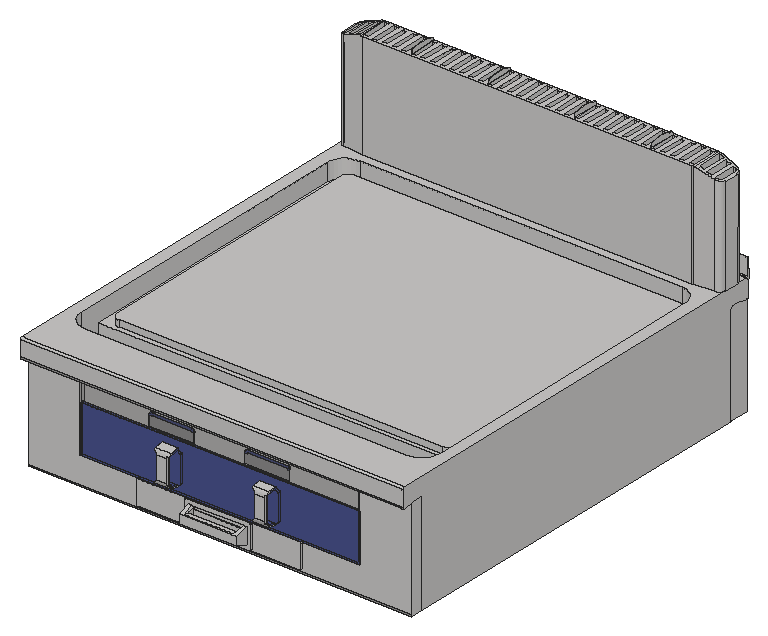
Revit family "QF_ELECTROLUXPROFESSIONAL_589095_MCHMABHOPO", category Specialty Equipment, Revit 2018
Family settings
  Round Connector Dimension = Use Diameter
  Part Type = Normal
  Work Plane-Based = No
  Always vertical = Yes
  Cut with Voids When Loaded = No
  Shared = No
  Room Calculation Point = No
Parameters
  Weight in Pounds = 264.6
  Watts = 0 W
  URL Cutsheet = ""
  Type Mark [instance] = ""
  Specification by User [instance] = ""
  Specification by Manufacturer = ""
  Show Clearance [instance] = yes
  Serial Number = ""
  Seismic Rating = ""
  SMACNA No = ""
  Revision Code [instance] = ""
  Omniclass Number and Title = ""
  NAFEM Spec ID Number = ""
  Model = "589095"
  Mechanical Remarks = ""
  Mechanical Connection Type = ""
  Masterspec = ""
  Manufacturer = "ELECTROLUX"
  Item Number [instance] = ""
  Installed By [instance] = ""
  Identify Quantity as Lot [instance] = yes
  HP = "0 HP"
  Gas Size = 1/2"
  Gas RI Height [instance] = 0 mm
  Gas KW = 20
  Gas Input [instance] = 68180.0 Btu/h
  Gas Connection Height = 0 mm
  Furnished By [instance] = ""
  Foodservice Equipment Identifier [instance] = yes
  Direct Waste Size = 0"
  Description = "GAS FRYTOP,SMOOTH,1S,BSPL,800X900X250H"
  CSI MasterFormat = ""
  CSI Master Format = ""
Reference planes
  plane 1 "BACK": y = 0
  plane 2: z = 0
  plane 3 "LEFT": x = 0
  plane 4 "RIGHT": x = 800
  plane 5 "FRONT": y = -900
  plane 6 "TOP": z = 250
  plane 7: x = 400
  plane 8: y = -450
  plane 9: z = 481
  plane 10: y = -1330
Forms (mm)
  Extrusion 1, solid, material "QF_Finishes_Stainless Steel"
    sketch origin (0, -487.128, 0) x (0, 1, 0) y (0, 0, 1)
      loop
        line (483.128, 250) -> (-408.872, 250)
        arc (-408.872, 250) -> (-411.7, 248.828) -> (-412.872, 246) r 4
        line (-412.872, 246) -> (-412.872, 214)
        arc (-412.872, 214) -> (-411.443, 210.936) -> (-408.177, 210.061) r 4
        line (-408.177, 210.061) -> (-391.509, 213) -> (-366.872, 213) -> (-366.872, 0) -> (441.128, 0) -> (441.128, 213) -> (465.765, 213) -> (482.433, 210.061)
        arc (482.433, 210.061) -> (485.699, 210.936) -> (487.128, 214) r 4
        line (487.128, 214) -> (487.128, 246)
        arc (487.128, 246) -> (485.956, 248.828) -> (483.128, 250) r 4
    from 0 to 800
  Extrusion 2, void
    sketch origin (653.786, 44.048, 250) x (1, 0, 0) y (0, -1, 0)
      loop
        line (-590.636, 138.048) -> (83.064, 138.048)
        arc (83.064, 138.048) -> (110.04, 149.222) -> (121.214, 176.198) r 38.15
        line (121.214, 176.198) -> (121.214, 816.572)
        arc (121.214, 816.572) -> (109.944, 843.779) -> (82.737, 855.048) r 38.476
        line (82.737, 855.048) -> (-591.786, 855.048)
        arc (-591.786, 855.048) -> (-617.949, 844.211) -> (-628.786, 818.048) r 37
        line (-628.786, 818.048) -> (-628.786, 176.198)
        arc (-628.786, 176.198) -> (-617.613, 149.222) -> (-590.636, 138.048) r 38.15
    from 0 to 37
  Extrusion 3, void
    sketch origin (1307.573, 92.096, 213) x (0, 1, 0) y (1, 0, 0)
      loop
        line (-821.846, -532.573) -> (-864.62, -532.573)
        arc (-864.62, -532.573) -> (-891.827, -543.842) -> (-903.096, -571.049) r 38.476
        line (-903.096, -571.049) -> (-903.096, -1245.573)
        arc (-903.096, -1245.573) -> (-892.259, -1271.736) -> (-866.096, -1282.573) r 37
        line (-866.096, -1282.573) -> (-821.846, -1282.573) -> (-821.846, -532.573)
    from 0 to 25.6
  Extrusion 4, void
    sketch origin (1612.573, 92.096, 187.4) x (-1, 0, 0) y (0, 1, 0)
      loop
        circle (1212.573, -862.096) r 22.248
    from 0 to 92
  Extrusion 5, solid, material "QF_Finishes_Stainless Steel"
    sketch origin (0, -854, 0) x (1, 0, 0) y (0, -1, 0)
      loop
        circle (765, -264) r 6.35
    from 0 to 3.2
  Extrusion 6, solid, material "QF_Door-Drawer Clearances", visible <- "Show Clearance", detail levels coarse
    sketch origin (437.31, -881.593, 8.62) x (0, 0, 1) y (-1, 0, 0)
      loop
        line (1.973, -134.295) -> (49.317, -134.295)
        arc (49.317, -134.295) -> (50.776, -133.691) -> (51.38, -132.232) r 2.063
        line (51.38, -132.232) -> (51.38, 206.852)
        arc (51.38, 206.852) -> (50.88, 208.549) -> (49.541, 209.705) r 3.133
        line (49.541, 209.705) -> (3.067, 209.705)
        arc (3.067, 209.705) -> (0.898, 208.807) -> (0, 206.638) r 3.067
        line (0, 206.638) -> (0, -132.322)
        arc (0, -132.322) -> (0.578, -133.717) -> (1.973, -134.295) r 1.973
    from 0 to 448.407
  Extrusion 7, solid, material "QF_Finishes_Stainless Steel"
    sketch origin (653.786, 44.048, 213) x (1, 0, 0) y (0, 1, 0)
      loop
        line (-608.786, -166.361) -> (-608.786, -745.485)
        arc (-608.786, -745.485) -> (-603.47, -758.319) -> (-590.636, -763.635) r 18.15
        line (-590.636, -763.635) -> (83.064, -763.635)
        arc (83.064, -763.635) -> (95.898, -758.319) -> (101.214, -745.485) r 18.15
        line (101.214, -745.485) -> (101.214, -166.361)
        arc (101.214, -166.361) -> (95.898, -153.527) -> (83.064, -148.211) r 18.15
        line (83.064, -148.211) -> (-590.636, -148.211)
        arc (-590.636, -148.211) -> (-603.47, -153.527) -> (-608.786, -166.361) r 18.15
    from 0 to 13.3
  Extrusion 8, solid, material "QF_Clearances", visible <- "Show Clearance", detail levels coarse
    sketch origin (-178.969, -4572, 0) x (-1, 0, 0) y (0, -1, 0)
      loop
        line (-78.969, -3672) -> (-178.969, -3672) -> (-178.969, -4572) -> (-978.969, -4572) -> (-978.969, -3672) -> (-1078.969, -3672) -> (-1078.969, -4672) -> (-78.969, -4672) -> (-78.969, -3672)
    from 0 to 250
  Extrusion 9, solid, material "QF_Finishes_Stainless Steel"
    sketch origin (0, 0, 0) x (0, 1, 0) y (0, 0, 1)
      loop
        line (-2.951, 1.994) -> (-2.951, 210.127)
        arc (-2.951, 210.127) -> (-3.795, 210.003) -> (-4.646, 210.061) r 4
        line (-4.646, 210.061) -> (-21.287, 212.994) -> (-45, 212.994) -> (-45, -0.006) -> (-4.951, -0.006)
        arc (-4.951, -0.006) -> (-3.537, 0.58) -> (-2.951, 1.994) r 2
      loop
        arc (-1.951, 252) -> (-2.537, 250.586) -> (-3.951, 250) r 2
        arc (-3.951, 250) -> (-1.172, 248.823) -> (0, 245.994) r 4
        line (0, 245.994) -> (0, 288) -> (-1.951, 288) -> (-1.951, 252)
    from 800 to 0
Cuts and joins
  Extrusion 2, Extrusion 3, Extrusion 4 cuts Extrusion 1
Lines and regions (mm)
  symbolic lines
    curve 1: line (493.666, -902.326, 0) -> (493.666, -900, 0)
    curve 2: spline (499.334, -903.73, 0) -> (498.856, -903.657, 0) -> (498.378, -903.575, 0) -> (497.901, -903.486, 0) -> (497.425, -903.389, 0) -> (496.95, -903.283, 0) -> (496.476, -903.17, 0) -> (496.004, -903.049, 0) -> (495.533, -902.92, 0) -> (495.064, -902.783, 0) -> (494.596, -902.638, 0) -> (494.13, -902.486, 0) -> (493.666, -902.326, 0)
    curve 3: line (525.881, -902.326, 0) -> (525.881, -900, 0)
    curve 4: spline (525.881, -902.326, 0) -> (525.417, -902.486, 0) -> (524.951, -902.638, 0) -> (524.483, -902.783, 0) -> (524.014, -902.92, 0) -> (523.543, -903.049, 0) -> (523.071, -903.17, 0) -> (522.597, -903.283, 0) -> (522.122, -903.389, 0) -> (521.646, -903.486, 0) -> (521.169, -903.575, 0) -> (520.691, -903.657, 0) -> (520.213, -903.73, 0)
    curve 5: line (499.334, -903.73, 0) -> (520.213, -903.73, 0)
    curve 6: line (25, -774, 0) -> (25, -132.15, 0)
    curve 7: arc (25, -132.15, 0) -> (36.174, -105.174, 0) -> (63.15, -94, 0) r 38.15
    curve 8: line (63.15, -94, 0) -> (736.85, -94, 0)
    curve 9: arc (736.85, -94, 0) -> (763.826, -105.174, 0) -> (775, -132.15, 0) r 38.15
    curve 10: line (775, -132.15, 0) -> (775, -772.524, 0)
    curve 11: arc (775, -772.524, 0) -> (763.731, -799.731, 0) -> (736.524, -811, 0) r 38.476
    curve 12: line (736.524, -811, 0) -> (62, -811, 0)
    curve 13: arc (62, -811, 0) -> (35.837, -800.163, 0) -> (25, -774, 0) r 37
    curve 14: line (775, -729.75, 0) -> (25, -729.75, 0)
    curve 15: circle (400, -770, 0) r 22.248 normal (0, 0, -1)
    curve 16: line (0, 0, 0) -> (800, 0, 0)
    curve 17: line (0, -900, 0) -> (0, 0, 0)
    curve 18: line (800, -900, 0) -> (0, -900, 0)
    curve 19: line (800, 0, 0) -> (800, -900, 0)
    curve 20: line (347.608, -908.767, 0) -> (450.042, -908.767, 0)
    curve 21: line (450.042, -908.767, 0) -> (451.588, -900, 0)
    curve 22: line (347.608, -908.767, 0) -> (346.062, -900, 0)
    curve 37: line (0, -1.951, 0) -> (800, -1.951, 0)
  symbolic lines, style "QF_Door-Drawer Clearances"
    curve 23: line (227.605, -1330, 0) -> (227.605, -900, 0)
    curve 24: line (227.605, -1330, 0) -> (571.605, -1330, 0)
    curve 25: line (571.605, -1330, 0) -> (571.605, -900, 0)
  symbolic lines, style "SpecialityEquipment"
    curve 26: line (755, -701.437, 0) -> (755, -122.313, 0)
    curve 27: arc (755, -122.313, 0) -> (749.684, -109.479, 0) -> (736.85, -104.163, 0) r 18.15
    curve 28: line (736.85, -104.163, 0) -> (63.15, -104.163, 0)
    curve 29: arc (63.15, -104.163, 0) -> (50.316, -109.479, 0) -> (45, -122.313, 0) r 18.15
    curve 30: line (45, -122.313, 0) -> (45, -701.437, 0)
    curve 31: arc (45, -701.437, 0) -> (50.316, -714.271, 0) -> (63.15, -719.587, 0) r 18.15
    curve 32: line (63.15, -719.587, 0) -> (736.85, -719.587, 0)
    curve 33: arc (736.85, -719.587, 0) -> (749.684, -714.271, 0) -> (755, -701.437, 0) r 18.15
  symbolic lines, style "QF_Clearances", visible <- "Show Clearance", detail levels coarse
    curve 34: line (-100, 100, 0) -> (-100, -900, 0)
    curve 35: line (900, 100, 0) -> (-100, 100, 0)
    curve 36: line (900, -900, 0) -> (900, 100, 0)
Dimensions and locks
  plane 3 "LEFT" to plane 4 "RIGHT" = 800 mm
  plane 5 "FRONT" to plane 1 "BACK" = 900 mm
  equal spacing: plane 3 "LEFT", plane 7, plane 4 "RIGHT"
  equal spacing: plane 5 "FRONT", plane 8, plane 1 "BACK"
  plane 6 "TOP" to level = 250 mm  (x2)
  plane 1 "BACK" to plane 5 "FRONT" = 900 mm
  Extrusion 5 sketch curve to plane 1 "BACK" = 590 mm
  Extrusion 5 sketch curve to plane 4 "RIGHT" = 35 mm
  plane 5 "FRONT" to plane 10 = 430 mm
  plane 9 to plane 6 "TOP" = 231 mm
  plane 9 to level = 481 mm
  Extrusion 8 to plane 3 "LEFT" = 100 mm
  plane 4 "RIGHT" to Extrusion 8 = 100 mm
  plane 1 "BACK" to Extrusion 8 = 100 mm
  radius of Extrusion 7 sketch curve = 18.15 mm  (x4)
  aligned and locked: level to plane 2
  aligned and locked: Extrusion 6 to plane 10
  aligned and locked: plane 6 "TOP" to Extrusion 8
  aligned and locked: cut or joined group of Extrusion 1, Extrusion 2, Extrusion 3, Extrusion 4 to plane 4 "RIGHT"
  aligned and locked: plane 7 to nested 1
  aligned and locked: plane 7 to nested 2
  aligned and locked: Extrusion 9 to plane 4 "RIGHT"
Automatic sketch dimensions
  Extrusion 1 to Extrusion 2 sketch curve = 90 mm
  Extrusion 1 to Extrusion 2 sketch curve = 122 mm
  Extrusion 1 to Extrusion 2 sketch curve = 25 mm
  Extrusion 2 sketch curve to Extrusion 2 sketch curve = 38.15 mm  (x2)
  Extrusion 1 to Extrusion 2 sketch curve = 123.476 mm
  Extrusion 1 to Extrusion 2 sketch curve = 85 mm
  Extrusion 2 sketch curve to Extrusion 2 sketch curve = 674.524 mm
  Extrusion 1 sketch curve to plane 5 "FRONT" = 0 mm
  Extrusion 1 sketch curve to plane 6 "TOP" = 0 mm
  Extrusion 1 sketch curve to level = 0 mm
  Extrusion 1 sketch curve to plane 1 "BACK" = 0 mm
  Extrusion 1 sketch curve to plane 6 "TOP" = 37 mm  (x2)
  Extrusion 1 sketch curve to plane 5 "FRONT" = 4 mm
  Extrusion 1 sketch curve to plane 5 "FRONT" = 21.363 mm
  Extrusion 1 sketch curve to plane 5 "FRONT" = 46 mm
  plane 1 "BACK" to Extrusion 1 sketch curve = 21.363 mm
  plane 1 "BACK" to Extrusion 1 sketch curve = 4 mm  (x2)
  Extrusion 1 sketch curve to Extrusion 1 sketch curve = 4 mm
  Extrusion 1 sketch curve to Extrusion 1 sketch curve = 0.695 mm
  Extrusion 1 sketch curve to Extrusion 1 sketch curve = 0 mm  (x4)
  plane 1 "BACK" to Extrusion 1 sketch curve = 4.695 mm
  Extrusion 1 sketch curve to Extrusion 1 sketch curve = 1 mm  (x2)
  plane 1 "BACK" to Extrusion 1 sketch curve = 46 mm
  Extrusion 3 sketch curve to Extrusion 2 = 81.25 mm
  Extrusion 2 to Extrusion 3 sketch curve = 0 mm  (x2)
  Extrusion 3 sketch curve to Extrusion 3 sketch curve = 37 mm
  Extrusion 3 sketch curve to Extrusion 3 sketch curve = 674.524 mm
  Extrusion 3 sketch curve to Extrusion 2 = 38.476 mm
  Extrusion 4 sketch curve to Extrusion 3 = 41 mm
  Extrusion 4 sketch curve to Extrusion 3 = 375 mm
  Extrusion 7 sketch curve to Extrusion 2 = 20 mm
  Extrusion 7 sketch curve to Extrusion 2 = 91.413 mm
  Extrusion 7 sketch curve to Extrusion 2 = 38.15 mm
  Extrusion 7 sketch curve to Extrusion 2 = 28.313 mm
  plane 1 "BACK" to Extrusion 8 sketch curve = 0 mm
  plane 5 "FRONT" to Extrusion 8 sketch curve = 0 mm  (x2)
  Extrusion 8 sketch curve to plane 4 "RIGHT" = 100 mm
  Extrusion 8 sketch curve to plane 1 "BACK" = 100 mm
  Extrusion 8 sketch curve to plane 3 "LEFT" = 100 mm
  Extrusion 8 sketch curve to plane 3 "LEFT" = 0 mm
  Extrusion 8 sketch curve to plane 4 "RIGHT" = 0 mm
  level to Extrusion 6 sketch curve = 8.62 mm
  level to Extrusion 6 sketch curve = 57.937 mm
  plane 7 to Extrusion 6 sketch curve = 171.605 mm
  Extrusion 6 sketch curve to Extrusion 6 sketch curve = 1.973 mm
  Extrusion 6 sketch curve to Extrusion 6 sketch curve = 3.067 mm
  Extrusion 6 sketch curve to Extrusion 6 sketch curve = 46.474 mm
  Extrusion 6 sketch curve to Extrusion 6 sketch curve = 2.063 mm
  Extrusion 6 sketch curve to Extrusion 6 sketch curve = 3.133 mm
  Extrusion 6 sketch curve to plane 7 = 169.328 mm
  Extrusion 9 sketch curve to plane 1 "BACK" = 0 mm  (x2)
  Extrusion 9 sketch curve to level = 0.006 mm
  Extrusion 9 sketch curve to plane 6 "TOP" = 0 mm
  Extrusion 9 sketch curve to Extrusion 9 sketch curve = 1.951 mm
  plane 1 "BACK" to Extrusion 9 sketch curve = 2.951 mm
  Extrusion 9 sketch curve to Extrusion 9 sketch curve = 2 mm  (x2)
  Extrusion 9 sketch curve to Extrusion 9 sketch curve = 18.335 mm
  Extrusion 9 sketch curve to Extrusion 9 sketch curve = 40.049 mm
  Extrusion 9 sketch curve to Extrusion 9 sketch curve = 1.695 mm
  Extrusion 9 sketch curve to Extrusion 9 sketch curve = 0 mm  (x3)
  Extrusion 9 sketch curve to Extrusion 9 sketch curve = 4 mm
  plane 1 "BACK" to Extrusion 9 sketch curve = 3.951 mm
  Extrusion 9 sketch curve to plane 6 "TOP" = 39.873 mm
  Extrusion 9 sketch curve to plane 6 "TOP" = 37.006 mm
  Extrusion 9 sketch curve to Extrusion 9 sketch curve = 36 mm
  Extrusion 9 sketch curve to Extrusion 9 sketch curve = 0.066 mm
  Extrusion 9 sketch curve to plane 6 "TOP" = 4.006 mm
  plane 1 "BACK" to curve 16 = 0 mm
  curve 25 to plane 10 = 0 mm
  curve 17 to plane 3 "LEFT" = 0 mm
  plane 5 "FRONT" to curve 18 = 0 mm
  plane 5 "FRONT" to curve 36 = 0 mm
  curve 37 to plane 4 "RIGHT" = 0 mm
  curve 15 to plane 7 = 0 mm
  plane 5 "FRONT" to curve 34 = 0 mm
  curve 35 to plane 4 "RIGHT" = 100 mm
  plane 4 "RIGHT" to curve 10 = 25 mm
  curve 14 to curve 26 = 20 mm
  curve 26 to curve 28 = 18.15 mm
  curve 26 to curve 32 = 18.15 mm
  curve 8 to curve 27 = 0 mm
  curve 10 to curve 12 = 38.476 mm
  plane 7 to curve 25 = 171.605 mm
  plane 5 "FRONT" to curve 3 = 2.326 mm
  curve 25 to curve 3 = 45.724 mm
  plane 5 "FRONT" to curve 5 = 3.73 mm
  curve 4 to curve 5 = 5.669 mm
  curve 5 to curve 5 = 20.878 mm
  plane 5 "FRONT" to curve 1 = 2.326 mm
  curve 2 to curve 1 = 5.669 mm
  plane 5 "FRONT" to curve 21 = 8.767 mm
  curve 2 to curve 21 = 43.623 mm
  curve 22 to plane 7 = 52.392 mm
  curve 23 to plane 7 = 172.395 mm
  plane 3 "LEFT" to curve 28 = 63.15 mm
  plane 3 "LEFT" to curve 32 = 63.15 mm
  curve 8 to curve 28 = 0 mm
  plane 3 "LEFT" to curve 12 = 62 mm
  curve 31 to curve 30 = 18.15 mm
  plane 3 "LEFT" to curve 6 = 25 mm
  curve 35 to plane 3 "LEFT" = 100 mm
  curve 3 to curve 4 = 9.839 mm
  plane 5 "FRONT" to curve 2 = 4.032 mm
  curve 2 to curve 5 = 4.17 mm
  curve 21 to curve 20 = 1.546 mm
  curve 20 to curve 22 = 1.546 mm
  curve 34 to plane 1 "BACK" = 100 mm
  plane 1 "BACK" to curve 8 = 94 mm
  curve 9 to curve 28 = 10.163 mm
  curve 26 to plane 5 "FRONT" = 198.563 mm
  curve 32 to curve 10 = 52.937 mm
  plane 1 "BACK" to curve 37 = 1.951 mm
  curve 30 to curve 14 = 28.313 mm
  curve 15 to plane 5 "FRONT" = 130 mm
  curve 2 to curve 4 = 0 mm
  radius of Extrusion 4 sketch curve = 22.248 mm
  radius of Extrusion 5 sketch curve = 6.35 mm
  radius of curve 15 = 22.248 mm
Nested families
  nested 1: "GG_900_800 Front Panel with Center Grease Trap" at (0, -854, -650), type "GG_900_800 Front Panel with Center Grease Trap"
  nested 2: "GG_900_Backsplash for 800 fryer" at (388.888, -5, -635.571), type "GG_900_Backsplash for 800 fryer"
Connectors
  piping at (765, -590, -3.2), diameter 12.8
    settings: on Extrusion 5, index 1, connector inside diameter 0.50394", connector length 0 mm, flow factor 0, pipe flow 0 GPM, pressure drop 0.00 psi, fitting loss kfactor 0, connector angle 0.00°, fixture units 0, engagement length 0 mm, angle of deflection 0.00°, flow configuration 1, flow direction 1, fitting loss method 0, system type 7, joint type 0, gender type 0, connector reference index -1, connector utility 0, adjustable connector no, is connector primary yes, connector description "GAS CONNECTION"
Definition of nested family "GG_900_800 Front Panel with Center Grease Trap"
  Reference planes
    plane 1 "Center (Front/Back)": y = 0
    plane 2: z = 0
    plane 3 "Center (Left/Right)": x = 0
    plane 4: y = -26.492
    plane 5: x = 400
    plane 6: x = 522.091
    plane 7: x = 319.468
  Forms (mm)
    Extrusion 1, solid
      sketch origin (1033.217, 829.203, -1.25) x (0, 1, 0) y (0, 0, 1)
        loop
          arc (-854.203, 654.25) -> (-853.324, 652.129) -> (-851.203, 651.25) r 3
          line (-851.203, 651.25) -> (-829.203, 651.25) -> (-829.203, 864.25) -> (-854.203, 864.25) -> (-854.203, 654.25)
      from -1033.217 to -233.217
    Extrusion 2, void
      sketch origin (1033.217, 829.203, -1.25) x (1, 0, 0) y (0, 0, 1)
        loop
          line (-341.217, 853.25) -> (-925.217, 853.25) -> (-925.217, 711.25) -> (-341.217, 711.25) -> (-341.217, 853.25)
      from 843.409 to 854.203
  Cuts and joins
    Extrusion 2 cuts Extrusion 1
  Dimensions and locks
    cut or joined group of Extrusion 1, Extrusion 2 to cut or joined group of Extrusion 1, Extrusion 2 = 108 mm
    nested 2 to plane 3 "Center (Left/Right)" = 108 mm
    nested 2 to plane 3 "Center (Left/Right)" = 252.97 mm
    cut or joined group of Extrusion 1, Extrusion 2 to nested 2 = 253.275 mm
    cut or joined group of Extrusion 1, Extrusion 2 to nested 4 = 297.909 mm
    nested 3 to plane 3 "Center (Left/Right)" = 298.218 mm
    aligned and locked: nested 1 to nested 2
  Nested families
    nested 1: "grease trap door" at (467.599, -25, 0.608) x (-1, 0, 0) z (0, 0, 1), type "grease trap door"
    nested 2: "Long Glass Control Panel w-Two Reads" at (108, -25, 5.811), type "Long Glass Control Panel w-Two Reads"
    nested 3: "Range Control Handle" at (298.218, -28.137, -207.75), type "Range Control Handle"
    nested 4: "Range Control Handle" at (502.091, -28.137, -207.75), type "Range Control Handle"
  Definition of nested family "grease trap door"
    Reference planes
      plane 1 "Center (Front/Back)": y = 0
      plane 2: z = 0
      plane 3 "Center (Left/Right)": x = 0
    Forms (mm)
      Extrusion 1, solid
        sketch origin (1627.55, 854.203, -1.25) x (1, 0, 0) y (0, 0, 1)
          loop
            arc (-1627.55, 661.235) -> (-1626.972, 659.84) -> (-1625.577, 659.262) r 1.973
            line (-1625.577, 659.262) -> (-1494.325, 659.262)
            arc (-1494.325, 659.262) -> (-1492.156, 660.16) -> (-1491.258, 662.329) r 3.067
            line (-1491.258, 662.329) -> (-1491.258, 708.803)
            arc (-1491.258, 708.803) -> (-1492.414, 710.143) -> (-1494.111, 710.642) r 3.133
            line (-1494.111, 710.642) -> (-1625.486, 710.642)
            arc (-1625.486, 710.642) -> (-1626.945, 710.038) -> (-1627.55, 708.579) r 2.063
            line (-1627.55, 708.579) -> (-1627.55, 661.235)
        from 856.795 to 859.203
      Extrusion 2, solid
        sketch origin (445.874, 2476.61, 0) x (0, 1, 0) y (0, 0, 1)
          loop
            line (-2506.377, 675.273) -> (-2481.61, 667.505) -> (-2481.61, 700.995) -> (-2506.377, 693.227) -> (-2506.377, 675.273)
        from -437.68 to -317.68
      Extrusion 3, void
        sketch origin (1627.55, 854.203, -1.25) x (1, 0, 0) y (0, 0, 1)
          loop
            line (-1614.883, 703) -> (-1610.542, 695.433) -> (-1508.17, 695.433) -> (-1503.828, 703) -> (-1614.883, 703)
          loop
            line (-1614.883, 668) -> (-1502.669, 668) -> (-1507.01, 675.567) -> (-1610.542, 675.567) -> (-1614.883, 668)
        from 832.916 to 883.97
      Extrusion 4, void
        sketch origin (447.55, 854.203, -1.25) x (1, 0, 0) y (0, 0, 1)
          loop
            line (-430.542, 695.433) -> (-430.542, 675.567) -> (-328.17, 675.567) -> (-328.17, 695.433) -> (-430.542, 695.433)
        from 859.203 to 874.202
      Extrusion 5, solid
        sketch origin (1627.55, 854.203, -1.25) x (1, 0, 0) y (0, 0, 1)
          loop
            arc (-1731.556, 661.235) -> (-1730.978, 659.84) -> (-1729.583, 659.262) r 1.973
            line (-1729.583, 659.262) -> (-1390.623, 659.262)
            arc (-1390.623, 659.262) -> (-1388.454, 660.16) -> (-1387.556, 662.329) r 3.067
            line (-1387.556, 662.329) -> (-1387.556, 708.803)
            arc (-1387.556, 708.803) -> (-1388.712, 710.143) -> (-1390.409, 710.642) r 3.133
            line (-1390.409, 710.642) -> (-1729.493, 710.642)
            arc (-1729.493, 710.642) -> (-1730.952, 710.038) -> (-1731.556, 708.579) r 2.063
            line (-1731.556, 708.579) -> (-1731.556, 661.235)
        from 854.203 to 856.795
    Cuts and joins
      Extrusion 3 cuts Extrusion 1
      Extrusion 3, Extrusion 4 cuts Extrusion 2
      joined: Extrusion 1, Extrusion 2
    Lines and regions (mm)
      symbolic lines
        curve 1: line (0, -2.593, 0) -> (136.292, -2.593, 0)
        curve 2: line (17.557, -29.767, 0) -> (12.667, -2.593, 0)
        curve 3: line (17.557, -29.767, 0) -> (119.991, -29.767, 0)
        curve 4: line (119.991, -29.767, 0) -> (124.881, -2.593, 0)
        curve 5: line (68.146, -2.593, 0) -> (68.146, -29.767, 0)
      model lines
        curve 6: line (67.599, 0, 658.012) -> (67.599, 0, 709.392)
    Dimensions and locks
      aligned and locked: Extrusion 2 to Extrusion 1
      aligned and locked: Extrusion 3 to Extrusion 2
      aligned and locked: Extrusion 4 to Extrusion 1
  Definition of nested family "Long Glass Control Panel w-Two Reads"
    Reference planes
      plane 1 "Center (Front/Back)": y = 0
      plane 2: z = 0
      plane 3 "Center (Left/Right)": x = 0
      plane 4: x = 584
      plane 5: x = 581.091
      plane 6: x = 350
      plane 7: x = 233.749
      plane 8 "Top": z = 846.189
      plane 9 "Center": x = 292
    Forms (mm)
      Extrusion 1, solid
        sketch origin (550.286, 304.8, -4.308) x (1, 0, 0) y (0, 0, 1)
          loop
            line (-550.286, 806.791) -> (-550.286, 708.497) -> (33.714, 708.497) -> (33.714, 806.791) -> (-550.286, 806.791)
        from 300.031 to 304.8
      Extrusion 2, solid
        sketch origin (550.286, 304.8, -4.308) x (1, 0, 0) y (0, 0, 1)
          loop
            line (-550.286, 850.497) -> (-550.286, 806.791) -> (33.714, 806.791) -> (33.714, 850.497) -> (-550.286, 850.497)
        from 300.031 to 304.8
      Extrusion 3, solid
        sketch origin (550.286, 305.901, -4.308) x (1, 0, 0) y (0, 0, 1)
          loop
            line (-311.561, 812.62) -> (-311.561, 834.177) -> (-316.37, 834.177) -> (-318.169, 835.977) -> (-398.599, 835.977) -> (-400.399, 834.177) -> (-405.316, 834.177) -> (-405.316, 812.62) -> (-311.561, 812.62)
          loop
            line (-111.561, 812.62) -> (-111.561, 834.177) -> (-116.37, 834.177) -> (-118.169, 835.977) -> (-198.599, 835.977) -> (-200.399, 834.177) -> (-205.316, 834.177) -> (-205.316, 812.62) -> (-111.561, 812.62)
        from 304.798 to 306.745
      Extrusion 4, solid
        sketch origin (550.286, 305.901, -4.308) x (1, 0, 0) y (0, 0, 1)
          loop
            line (-318.121, 835.977) -> (-316.321, 834.177) -> (-311.611, 834.177)
            arc (-311.611, 834.177) -> (-312.787, 838.752) -> (-317.062, 840.763) r 5.549
            line (-317.062, 840.763) -> (-399.768, 840.763)
            arc (-399.768, 840.763) -> (-404.024, 838.747) -> (-405.16, 834.177) r 5.5
            line (-405.16, 834.177) -> (-400.351, 834.177) -> (-398.551, 835.977) -> (-318.121, 835.977)
          loop
            line (-200.222, 834.177) -> (-198.422, 835.977) -> (-117.993, 835.977) -> (-116.193, 834.177) -> (-111.482, 834.177)
            arc (-111.482, 834.177) -> (-112.659, 838.752) -> (-116.934, 840.763) r 5.549
            line (-116.934, 840.763) -> (-199.639, 840.763)
            arc (-199.639, 840.763) -> (-203.895, 838.747) -> (-205.031, 834.177) r 5.5
            line (-205.031, 834.177) -> (-200.222, 834.177)
        from 304.798 to 306.745
      Extrusion 5, void
        sketch origin (550.286, 304.8, -4.308) x (1, 0, 0) y (0, 0, 1)
          loop
            line (-547.628, 847.565) -> (-547.628, 710.699) -> (30.804, 710.699) -> (30.804, 847.565) -> (-547.628, 847.565)
        from 303.697 to 304.8
    Cuts and joins
      Extrusion 5 cuts Extrusion 1
      Extrusion 5 cuts Extrusion 2
      Extrusion 5 cuts Extrusion 3
      Extrusion 5 cuts Extrusion 4
    Lines and regions (mm)
      symbolic lines
        curve 1: line (0, 4.769, 0) -> (584, 4.769, 0)
    Dimensions and locks
      plane 4 to plane 3 "Center (Left/Right)" = 584 mm
      locked: plane 4 to plane 5 at 2.909
      plane 4 to plane 6 = 234 mm
      plane 7 to plane 3 "Center (Left/Right)" = 233.749 mm
      aligned and locked: Extrusion 1 to Extrusion 2
      aligned and locked: Extrusion 3 to Extrusion 4
  Definition of nested family "Range Control Handle"
    Reference planes
      plane 1 "Center (Front/Back)": y = 0
      plane 2: z = 0
      plane 3 "Center (Left/Right)": x = 0
      plane 4: z = 971.092
    Forms (mm)
      Extrusion 1, solid
        sketch origin (-746.28, 380.497, 208.931) x (-1, 0, 0) y (0, 0, 1)
          loop
            line (-770.101, 786.798) -> (-770.101, 731.649)
            arc (-770.101, 731.649) -> (-769.759, 730.563) -> (-768.855, 729.87) r 1.893
            line (-768.855, 729.87) -> (-763.474, 727.911) -> (-729.81, 727.911) -> (-724.428, 729.87)
            arc (-724.428, 729.87) -> (-723.525, 730.563) -> (-723.183, 731.649) r 1.893
            line (-723.183, 731.649) -> (-723.183, 786.798)
            arc (-723.183, 786.798) -> (-723.529, 787.894) -> (-724.44, 788.593) r 1.91
            line (-724.44, 788.593) -> (-729.683, 790.819) -> (-763.601, 790.819) -> (-768.844, 788.593)
            arc (-768.844, 788.593) -> (-769.755, 787.894) -> (-770.101, 786.798) r 1.91
        from -382.35 to -378.852
      Sweep 2, solid
        path origin (-746.788, 380.496, 208.091) x (0, -1, 0) y (0, 0, 1)
          loop
            line (379.775, 793.281) -> (395.661, 791.048)
            arc (395.661, 791.048) -> (397.781, 787.377) -> (398.517, 783.202) r 12.207
            line (398.517, 783.202) -> (398.517, 737.368)
            arc (398.517, 737.368) -> (397.781, 733.193) -> (395.661, 729.522) r 12.207
            line (395.661, 729.522) -> (379.775, 727.289)
        profile origin (-746.788, -7.222, 1000.256) x (0, -0.139173, 0.990268) y (-1, 0, 0)
          loop
            line (0.782, -763.123) -> (0.782, -730.907) -> (-1.322, -730.907) -> (-1.322, -763.123) -> (0.782, -763.123)
      Sweep 3, solid
        path origin (-746.788, 380.715, 207.832) x (0, -1, 0) y (0, 0, 1)
          loop
            line (380.478, 795.442) -> (397.218, 793.09)
            arc (397.218, 793.09) -> (399.929, 788.473) -> (400.871, 783.202) r 15.207
            line (400.871, 783.202) -> (400.871, 737.584)
            arc (400.871, 737.584) -> (399.914, 732.274) -> (397.164, 727.633) r 15.207
            line (397.164, 727.633) -> (380.601, 725.305)
        profile origin (-746.788, -8.132, 1002.099) x (0, -0.139173, 0.990268) y (-1, 0, 0)
          loop
            line (0.782, -763.123) -> (0.782, -730.907) -> (-1.322, -730.907) -> (-1.322, -763.123) -> (0.782, -763.123)
      Extrusion 4, void
        sketch origin (889.253, 220.666, 207.993) x (1, 0, 0) y (0, 0, 1)
          loop
            line (-943.038, 816.854) -> (-943.038, 703.686) -> (-899.466, 734.196) -> (-899.466, 786.344) -> (-943.038, 816.854)
        from 230.636 to 242.25
      Extrusion 5, void
        sketch origin (-888.8, 220.666, 207.993) x (-1, 0, 0) y (0, 0, -1)
          loop
            line (-943.038, -816.854) -> (-899.466, -786.344) -> (-899.466, -734.196) -> (-943.038, -703.686) -> (-943.038, -816.854)
        from 230.636 to 242.25
      Extrusion 6, solid
        sketch origin (0, 0, 0) x (1, 0, 0) y (0, 0, 1)
          loop
            circle (0, 971.092) r 7.736
        from -3.137 to -1.645
    Cuts and joins
      Extrusion 4, Extrusion 5 cuts Sweep 3
      Extrusion 4, Extrusion 5 cuts Sweep 2
      joined: Extrusion 1, Extrusion 6
    Lines and regions (mm)
      symbolic lines
        curve 1: line (23.821, 1.645, 0) -> (-23.097, 1.645, 0)
        curve 2: line (16.334, -1.853, 0) -> (23.821, -1.853, 0)
        curve 3: line (-15.881, -19.189, 0) -> (-15.881, -1.853, 0)
        curve 4: line (-23.097, -1.853, 0) -> (-15.881, -1.853, 0)
        curve 5: line (16.334, -19.189, 0) -> (16.334, -1.853, 0)
        curve 6: spline (-15.881, -19.189, 0) -> (-15.417, -19.349, 0) -> (-14.951, -19.501, 0) -> (-14.483, -19.646, 0) -> (-14.014, -19.783, 0) -> (-13.543, -19.912, 0) -> (-13.071, -20.033, 0) -> (-12.597, -20.146, 0) -> (-12.122, -20.251, 0) -> (-11.646, -20.349, 0) -> (-11.169, -20.438, 0) -> (-10.691, -20.52, 0) -> (-10.213, -20.593, 0)
        curve 7: spline (10.666, -20.593, 0) -> (11.144, -20.52, 0) -> (11.622, -20.438, 0) -> (12.099, -20.349, 0) -> (12.575, -20.251, 0) -> (13.05, -20.146, 0) -> (13.524, -20.033, 0) -> (13.996, -19.912, 0) -> (14.467, -19.783, 0) -> (14.936, -19.646, 0) -> (15.404, -19.501, 0) -> (15.87, -19.349, 0) -> (16.334, -19.189, 0)
        curve 8: line (-10.213, -20.938, 0) -> (10.716, -20.938, 0)
        curve 9: line (-23.097, 1.645, 0) -> (-23.097, -1.853, 0)
        curve 10: line (23.821, 1.645, 0) -> (23.821, -1.853, 0)
Definition of nested family "GG_900_Backsplash for 800 fryer"
  Reference planes
    plane 1 "Center (Front/Back)": y = 0
    plane 2: z = 0
    plane 3 "Center (Left/Right)": x = 11.112
    plane 4: x = -388.888
    plane 5: x = 411.112
    plane 6: y = -37.994
  Forms (mm)
    Extrusion 1, solid
      sketch origin (3208.371, -22.924, -275.679) x (1, 0, 0) y (0, 0, 1)
        loop
          line (-3597.259, 1365.162) -> (-3597.259, 1161.25) -> (-2797.259, 1161.25) -> (-2797.259, 1364.934) -> (-2841.553, 1381.055)
          arc (-2841.553, 1381.055) -> (-2844.994, 1381.949) -> (-2848.536, 1382.25) r 21
          line (-2848.536, 1382.25) -> (-3546.608, 1382.25)
          arc (-3546.608, 1382.25) -> (-3550.146, 1381.95) -> (-3553.582, 1381.058) r 21
          line (-3553.582, 1381.058) -> (-3597.259, 1365.162)
      from -17.885 to 48.024
    Extrusion 2, void
      sketch origin (3108.387, -925.98, -226.348) x (1, 0, 0) y (0, 1, 0)
        loop
          line (-3444.887, 915.362) -> (-3444.887, 861.502) -> (-3434.887, 861.502) -> (-3434.887, 915.362) -> (-3444.887, 915.362)
      from 1111.919 to 1332.919
    Extrusion 3, void
      sketch origin (3789.012, -925.98, -226.348) x (1, 0, 0) y (0, 1, 0)
        loop
          line (-3444.887, 915.362) -> (-3444.887, 861.502) -> (-3434.887, 861.502) -> (-3434.887, 915.362) -> (-3444.887, 915.362)
      from 1111.919 to 1332.919
    Extrusion 4, void
      sketch origin (3128.405, -925.98, -226.348) x (1, 0, 0) y (0, 1, 0)
        loop
          line (-3444.887, 915.362) -> (-3444.887, 861.502) -> (-3434.887, 861.502) -> (-3434.887, 915.362) -> (-3444.887, 915.362)
      from 1111.919 to 1332.919
    Extrusion 5, void
      sketch origin (3148.424, -925.98, -226.348) x (1, 0, 0) y (0, 1, 0)
        loop
          line (-3444.887, 915.362) -> (-3444.887, 861.502) -> (-3434.887, 861.502) -> (-3434.887, 915.362) -> (-3444.887, 915.362)
      from 1111.919 to 1332.919
    Extrusion 6, void
      sketch origin (3168.442, -925.98, -226.348) x (1, 0, 0) y (0, 1, 0)
        loop
          line (-3444.887, 915.362) -> (-3444.887, 861.502) -> (-3434.887, 861.502) -> (-3434.887, 915.362) -> (-3444.887, 915.362)
      from 1111.919 to 1332.919
    Extrusion 7, void
      sketch origin (3188.46, -925.98, -226.348) x (1, 0, 0) y (0, 1, 0)
        loop
          line (-3444.887, 915.362) -> (-3444.887, 861.502) -> (-3434.887, 861.502) -> (-3434.887, 915.362) -> (-3444.887, 915.362)
      from 1111.919 to 1332.919
    Extrusion 8, void
      sketch origin (3208.479, -925.98, -226.348) x (1, 0, 0) y (0, 1, 0)
        loop
          line (-3444.887, 915.362) -> (-3444.887, 861.502) -> (-3434.887, 861.502) -> (-3434.887, 915.362) -> (-3444.887, 915.362)
      from 1111.919 to 1332.919
    Extrusion 9, void
      sketch origin (3228.497, -925.98, -226.348) x (1, 0, 0) y (0, 1, 0)
        loop
          line (-3444.887, 915.362) -> (-3444.887, 861.502) -> (-3434.887, 861.502) -> (-3434.887, 915.362) -> (-3444.887, 915.362)
      from 1111.919 to 1332.919
    Extrusion 10, void
      sketch origin (3248.516, -925.98, -226.348) x (1, 0, 0) y (0, 1, 0)
        loop
          line (-3444.887, 915.362) -> (-3444.887, 861.502) -> (-3434.887, 861.502) -> (-3434.887, 915.362) -> (-3444.887, 915.362)
      from 1111.919 to 1332.919
    Extrusion 11, void
      sketch origin (3268.534, -925.98, -226.348) x (1, 0, 0) y (0, 1, 0)
        loop
          line (-3444.887, 915.362) -> (-3444.887, 861.502) -> (-3434.887, 861.502) -> (-3434.887, 915.362) -> (-3444.887, 915.362)
      from 1111.919 to 1332.919
    Extrusion 12, void
      sketch origin (3288.552, -925.98, -226.348) x (1, 0, 0) y (0, 1, 0)
        loop
          line (-3444.887, 915.362) -> (-3444.887, 861.502) -> (-3434.887, 861.502) -> (-3434.887, 915.362) -> (-3444.887, 915.362)
      from 1111.919 to 1332.919
    Extrusion 13, void
      sketch origin (3308.571, -925.98, -226.348) x (1, 0, 0) y (0, 1, 0)
        loop
          line (-3444.887, 915.362) -> (-3444.887, 861.502) -> (-3434.887, 861.502) -> (-3434.887, 915.362) -> (-3444.887, 915.362)
      from 1111.919 to 1332.919
    Extrusion 14, void
      sketch origin (3328.589, -925.98, -226.348) x (1, 0, 0) y (0, 1, 0)
        loop
          line (-3444.887, 915.362) -> (-3444.887, 861.502) -> (-3434.887, 861.502) -> (-3434.887, 915.362) -> (-3444.887, 915.362)
      from 1111.919 to 1332.919
    Extrusion 15, void
      sketch origin (3348.607, -925.98, -226.348) x (1, 0, 0) y (0, 1, 0)
        loop
          line (-3444.887, 915.362) -> (-3444.887, 861.502) -> (-3434.887, 861.502) -> (-3434.887, 915.362) -> (-3444.887, 915.362)
      from 1111.919 to 1332.919
    Extrusion 16, void
      sketch origin (3368.626, -925.98, -226.348) x (1, 0, 0) y (0, 1, 0)
        loop
          line (-3444.887, 915.362) -> (-3444.887, 861.502) -> (-3434.887, 861.502) -> (-3434.887, 915.362) -> (-3444.887, 915.362)
      from 1111.919 to 1332.919
    Extrusion 17, void
      sketch origin (3388.644, -925.98, -226.348) x (1, 0, 0) y (0, 1, 0)
        loop
          line (-3444.887, 915.362) -> (-3444.887, 861.502) -> (-3434.887, 861.502) -> (-3434.887, 915.362) -> (-3444.887, 915.362)
      from 1111.919 to 1332.919
    Extrusion 18, void
      sketch origin (3408.663, -925.98, -226.348) x (1, 0, 0) y (0, 1, 0)
        loop
          line (-3444.887, 915.362) -> (-3444.887, 861.502) -> (-3434.887, 861.502) -> (-3434.887, 915.362) -> (-3444.887, 915.362)
      from 1111.919 to 1332.919
    Extrusion 19, void
      sketch origin (3428.681, -925.98, -226.348) x (1, 0, 0) y (0, 1, 0)
        loop
          line (-3444.887, 915.362) -> (-3444.887, 861.502) -> (-3434.887, 861.502) -> (-3434.887, 915.362) -> (-3444.887, 915.362)
      from 1111.919 to 1332.919
    Extrusion 20, void
      sketch origin (3448.699, -925.98, -226.348) x (1, 0, 0) y (0, 1, 0)
        loop
          line (-3444.887, 915.362) -> (-3444.887, 861.502) -> (-3434.887, 861.502) -> (-3434.887, 915.362) -> (-3444.887, 915.362)
      from 1111.919 to 1332.919
    Extrusion 21, void
      sketch origin (3468.718, -925.98, -226.348) x (1, 0, 0) y (0, 1, 0)
        loop
          line (-3444.887, 915.362) -> (-3444.887, 861.502) -> (-3434.887, 861.502) -> (-3434.887, 915.362) -> (-3444.887, 915.362)
      from 1111.919 to 1332.919
    Extrusion 22, void
      sketch origin (3488.736, -925.98, -226.348) x (1, 0, 0) y (0, 1, 0)
        loop
          line (-3444.887, 915.362) -> (-3444.887, 861.502) -> (-3434.887, 861.502) -> (-3434.887, 915.362) -> (-3444.887, 915.362)
      from 1111.919 to 1332.919
    Extrusion 23, void
      sketch origin (3508.755, -925.98, -226.348) x (1, 0, 0) y (0, 1, 0)
        loop
          line (-3444.887, 915.362) -> (-3444.887, 861.502) -> (-3434.887, 861.502) -> (-3434.887, 915.362) -> (-3444.887, 915.362)
      from 1111.919 to 1332.919
    Extrusion 24, void
      sketch origin (3528.773, -925.98, -226.348) x (1, 0, 0) y (0, 1, 0)
        loop
          line (-3444.887, 915.362) -> (-3444.887, 861.502) -> (-3434.887, 861.502) -> (-3434.887, 915.362) -> (-3444.887, 915.362)
      from 1111.919 to 1332.919
    Extrusion 25, void
      sketch origin (3548.791, -925.98, -226.348) x (1, 0, 0) y (0, 1, 0)
        loop
          line (-3444.887, 915.362) -> (-3444.887, 861.502) -> (-3434.887, 861.502) -> (-3434.887, 915.362) -> (-3444.887, 915.362)
      from 1111.919 to 1332.919
    Extrusion 26, void
      sketch origin (3568.81, -925.98, -226.348) x (1, 0, 0) y (0, 1, 0)
        loop
          line (-3444.887, 915.362) -> (-3444.887, 861.502) -> (-3434.887, 861.502) -> (-3434.887, 915.362) -> (-3444.887, 915.362)
      from 1111.919 to 1332.919
    Extrusion 27, void
      sketch origin (3588.828, -925.98, -226.348) x (1, 0, 0) y (0, 1, 0)
        loop
          line (-3444.887, 915.362) -> (-3444.887, 861.502) -> (-3434.887, 861.502) -> (-3434.887, 915.362) -> (-3444.887, 915.362)
      from 1111.919 to 1332.919
    Extrusion 28, void
      sketch origin (3608.846, -925.98, -226.348) x (1, 0, 0) y (0, 1, 0)
        loop
          line (-3444.887, 915.362) -> (-3444.887, 861.502) -> (-3434.887, 861.502) -> (-3434.887, 915.362) -> (-3444.887, 915.362)
      from 1111.919 to 1332.919
    Extrusion 29, void
      sketch origin (3628.865, -925.98, -226.348) x (1, 0, 0) y (0, 1, 0)
        loop
          line (-3444.887, 915.362) -> (-3444.887, 861.502) -> (-3434.887, 861.502) -> (-3434.887, 915.362) -> (-3444.887, 915.362)
      from 1111.919 to 1332.919
    Extrusion 30, void
      sketch origin (3648.883, -925.98, -226.348) x (1, 0, 0) y (0, 1, 0)
        loop
          line (-3444.887, 915.362) -> (-3444.887, 861.502) -> (-3434.887, 861.502) -> (-3434.887, 915.362) -> (-3444.887, 915.362)
      from 1111.919 to 1332.919
    Extrusion 31, void
      sketch origin (3668.902, -925.98, -226.348) x (1, 0, 0) y (0, 1, 0)
        loop
          line (-3444.887, 915.362) -> (-3444.887, 861.502) -> (-3434.887, 861.502) -> (-3434.887, 915.362) -> (-3444.887, 915.362)
      from 1111.919 to 1332.919
    Extrusion 32, void
      sketch origin (0, 0, 0) x (1, 0, 0) y (0, 1, 0)
        loop
          line (-373.021, -61.567) -> (-373.021, -14.408) -> (-377.678, -14.821)
          spline (-377.678, -14.821) -> (-378.371, -14.929) -> (-379.046, -15.126) -> (-379.692, -15.41) -> (-380.301, -15.777) -> (-380.864, -16.22) -> (-381.37, -16.734) -> (-381.814, -17.309) -> (-382.188, -17.939) -> (-382.486, -18.613) -> (-382.704, -19.32) -> (-382.839, -20.051) -> (-382.888, -20.793)
          line (-382.888, -20.793) -> (-382.888, -55.104)
          spline (-382.888, -55.104) -> (-382.855, -55.807) -> (-382.746, -56.501) -> (-382.562, -57.176) -> (-382.305, -57.825) -> (-381.98, -58.437) -> (-381.589, -59.005) -> (-381.14, -59.521) -> (-380.637, -59.978) -> (-380.087, -60.369) -> (-379.499, -60.69) -> (-378.879, -60.936) -> (-378.237, -61.104)
          line (-378.237, -61.104) -> (-373.021, -61.567)
        loop
          line (-367.195, -62.083) -> (-357.328, -62.958) -> (-357.328, -13.046) -> (-367.195, -13.892) -> (-367.195, -62.083)
        loop
          line (-351.502, -12.529) -> (-351.502, -63.476) -> (-341.546, -64.358) -> (-341.546, -11.645) -> (-351.502, -12.529)
        loop
          line (399.338, -14.802) -> (395.245, -14.439) -> (395.245, -61.567) -> (399.902, -61.184)
          spline (399.902, -61.184) -> (400.6, -61.075) -> (401.279, -60.875) -> (401.93, -60.588) -> (402.542, -60.217) -> (403.106, -59.768) -> (403.614, -59.248) -> (404.058, -58.666) -> (404.43, -58.029) -> (404.726, -57.349) -> (404.94, -56.634) -> (405.069, -55.897) -> (405.112, -55.149)
          line (405.112, -55.149) -> (405.112, -20.839)
          spline (405.112, -20.839) -> (405.061, -20.042) -> (404.913, -19.26) -> (404.668, -18.505) -> (404.333, -17.791) -> (403.912, -17.13) -> (403.412, -16.534) -> (402.844, -16.014) -> (402.215, -15.577) -> (401.539, -15.233) -> (400.825, -14.986) -> (400.087, -14.842) -> (399.338, -14.802)
        loop
          line (389.419, -13.922) -> (379.552, -13.046) -> (379.552, -62.989) -> (389.419, -62.113) -> (389.419, -13.922)
        loop
          line (363.77, -11.615) -> (363.77, -64.389) -> (373.726, -63.506) -> (373.726, -12.499) -> (363.77, -11.615)
      from 885.571 to 1106.571
    Extrusion 33, void
      sketch origin (5.432, 225.414, 0) x (1, 0, 0) y (0, 1, 0)
        loop
          spline (-382.452, -291.267) -> (-383.887, -291.038) -> (-385.284, -290.622) -> (-386.623, -290.026) -> (-387.883, -289.259) -> (-389.044, -288.332) -> (-390.088, -287.26) -> (-391.001, -286.059) -> (-391.767, -284.747) -> (-392.375, -283.345) -> (-392.817, -281.874) -> (-393.084, -280.356) -> (-393.174, -278.815)
          line (-393.174, -278.815) -> (-403.174, -278.815) -> (-403.174, -302.496) -> (-338.508, -302.496) -> (-338.508, -295.112) -> (-382.452, -291.267)
        loop
          line (-382.452, -235.548) -> (-338.508, -231.703) -> (-338.508, -224.32) -> (-403.174, -224.32) -> (-403.174, -248.001) -> (-393.174, -248.001)
          spline (-393.174, -248.001) -> (-393.084, -246.459) -> (-392.817, -244.941) -> (-392.375, -243.47) -> (-391.767, -242.068) -> (-391.001, -240.757) -> (-390.088, -239.556) -> (-389.044, -238.484) -> (-387.883, -237.557) -> (-386.623, -236.79) -> (-385.284, -236.194) -> (-383.887, -235.778) -> (-382.452, -235.548)
        loop
          line (393.082, -291.267) -> (349.139, -295.112) -> (349.139, -302.496) -> (413.805, -302.496) -> (413.805, -278.815) -> (403.805, -278.815)
          spline (403.805, -278.815) -> (403.715, -280.356) -> (403.447, -281.874) -> (403.006, -283.345) -> (402.398, -284.747) -> (401.631, -286.059) -> (400.719, -287.26) -> (399.674, -288.332) -> (398.513, -289.259) -> (397.254, -290.026) -> (395.915, -290.622) -> (394.518, -291.038) -> (393.082, -291.267)
        loop
          spline (393.082, -235.548) -> (394.518, -235.778) -> (395.915, -236.194) -> (397.254, -236.79) -> (398.513, -237.557) -> (399.674, -238.484) -> (400.719, -239.556) -> (401.631, -240.757) -> (402.398, -242.068) -> (403.006, -243.47) -> (403.447, -244.941) -> (403.715, -246.459) -> (403.805, -248.001)
          line (403.805, -248.001) -> (413.805, -248.001) -> (413.805, -224.32) -> (349.139, -224.32) -> (349.139, -231.703) -> (393.082, -235.548)
      from 0 to 1124.213
    Extrusion 34, void
      sketch origin (3688.92, -925.98, -226.348) x (1, 0, 0) y (0, 1, 0)
        loop
          line (-3444.887, 915.362) -> (-3444.887, 861.502) -> (-3434.887, 861.502) -> (-3434.887, 915.362) -> (-3444.887, 915.362)
      from 1111.919 to 1332.919
    Extrusion 35, void
      sketch origin (3708.938, -925.98, -226.348) x (1, 0, 0) y (0, 1, 0)
        loop
          line (-3444.887, 915.362) -> (-3444.887, 861.502) -> (-3434.887, 861.502) -> (-3434.887, 915.362) -> (-3444.887, 915.362)
      from 1111.919 to 1332.919
    Extrusion 36, void
      sketch origin (3728.957, -925.98, -226.348) x (1, 0, 0) y (0, 1, 0)
        loop
          line (-3444.887, 915.362) -> (-3444.887, 861.502) -> (-3434.887, 861.502) -> (-3434.887, 915.362) -> (-3444.887, 915.362)
      from 1111.919 to 1332.919
    Extrusion 37, void
      sketch origin (3748.975, -925.98, -226.348) x (1, 0, 0) y (0, 1, 0)
        loop
          line (-3444.887, 915.362) -> (-3444.887, 861.502) -> (-3434.887, 861.502) -> (-3434.887, 915.362) -> (-3444.887, 915.362)
      from 1111.919 to 1332.919
    Extrusion 38, void
      sketch origin (3768.993, -925.98, -226.348) x (1, 0, 0) y (0, 1, 0)
        loop
          line (-3444.887, 915.362) -> (-3444.887, 861.502) -> (-3434.887, 861.502) -> (-3434.887, 915.362) -> (-3444.887, 915.362)
      from 1111.919 to 1332.919
    Extrusion 39, solid
      sketch origin (259.122, 1835.817, -536.686) x (0, 1, 0) y (0, 0, 1)
        loop
          line (-1849.66, 1651.2) -> (-1860.917, 1653.592)
          arc (-1860.917, 1653.592) -> (-1873.392, 1654.903) -> (-1885.866, 1653.592) r 60
          line (-1885.866, 1653.592) -> (-1897.123, 1651.2)
          arc (-1897.123, 1651.2) -> (-1899.403, 1649.803) -> (-1900.294, 1647.286) r 4
          line (-1900.294, 1647.286) -> (-1900.294, 1644.257) -> (-1846.435, 1644.257) -> (-1846.435, 1647.286)
          arc (-1846.435, 1647.286) -> (-1847.327, 1649.803) -> (-1849.603, 1651.198) r 4
      from 4.99 to 5.99
    Extrusion 40, solid
      sketch origin (1192.52, 0, -506.659) x (1, 0, 0) y (0, 0, 1)
        loop
          line (-1428.929, 1613.23) -> (-1427.196, 1613.23)
          arc (-1427.196, 1613.23) -> (-1426.997, 1613.712) -> (-1426.929, 1614.23) r 2
          line (-1426.929, 1614.23) -> (-1427.929, 1614.23)
          arc (-1427.929, 1614.23) -> (-1428.221, 1613.523) -> (-1428.929, 1613.23) r 1
      from 10.618 to 64.478
    Extrusion 41, solid
      sketch origin (-240.398, 1835.817, -536.686) x (0, 1, 0) y (0, 0, 1)
        loop
          line (-1849.66, 1651.2) -> (-1860.917, 1653.592)
          arc (-1860.917, 1653.592) -> (-1873.392, 1654.903) -> (-1885.866, 1653.592) r 60
          line (-1885.866, 1653.592) -> (-1897.123, 1651.2)
          arc (-1897.123, 1651.2) -> (-1899.403, 1649.803) -> (-1900.294, 1647.286) r 4
          line (-1900.294, 1647.286) -> (-1900.294, 1644.257) -> (-1846.435, 1644.257) -> (-1846.435, 1647.286)
          arc (-1846.435, 1647.286) -> (-1847.327, 1649.803) -> (-1849.603, 1651.198) r 4
      from 4.99 to 5.99
    Extrusion 42, solid
      sketch origin (1352.667, 0, -506.659) x (1, 0, 0) y (0, 0, 1)
        loop
          line (-1428.929, 1613.23) -> (-1427.196, 1613.23)
          arc (-1427.196, 1613.23) -> (-1426.997, 1613.712) -> (-1426.929, 1614.23) r 2
          line (-1426.929, 1614.23) -> (-1427.929, 1614.23)
          arc (-1427.929, 1614.23) -> (-1428.221, 1613.523) -> (-1428.929, 1613.23) r 1
      from 10.618 to 64.478
    Extrusion 43, solid
      sketch origin (-80.251, 1835.817, -536.686) x (0, 1, 0) y (0, 0, 1)
        loop
          line (-1849.66, 1651.2) -> (-1860.917, 1653.592)
          arc (-1860.917, 1653.592) -> (-1873.392, 1654.903) -> (-1885.866, 1653.592) r 60
          line (-1885.866, 1653.592) -> (-1897.123, 1651.2)
          arc (-1897.123, 1651.2) -> (-1899.403, 1649.803) -> (-1900.294, 1647.286) r 4
          line (-1900.294, 1647.286) -> (-1900.294, 1644.257) -> (-1846.435, 1644.257) -> (-1846.435, 1647.286)
          arc (-1846.435, 1647.286) -> (-1847.327, 1649.803) -> (-1849.603, 1651.198) r 4
      from 4.99 to 5.99
    Extrusion 44, solid
      sketch origin (-1162.816, 0, -506.659) x (-1, 0, 0) y (0, 0, -1)
        loop
          arc (-1428.929, -1613.23) -> (-1428.221, -1613.523) -> (-1427.929, -1614.23) r 1
          line (-1427.929, -1614.23) -> (-1426.929, -1614.23)
          arc (-1426.929, -1614.23) -> (-1426.997, -1613.712) -> (-1427.196, -1613.23) r 2
          line (-1427.196, -1613.23) -> (-1428.929, -1613.23)
      from 10.618 to 64.478
    Extrusion 45, solid
      sketch origin (98.915, 1835.817, -536.686) x (0, 1, 0) y (0, 0, 1)
        loop
          line (-1849.66, 1651.2) -> (-1860.917, 1653.592)
          arc (-1860.917, 1653.592) -> (-1873.392, 1654.903) -> (-1885.866, 1653.592) r 60
          line (-1885.866, 1653.592) -> (-1897.123, 1651.2)
          arc (-1897.123, 1651.2) -> (-1899.403, 1649.803) -> (-1900.294, 1647.286) r 4
          line (-1900.294, 1647.286) -> (-1900.294, 1644.257) -> (-1846.435, 1644.257) -> (-1846.435, 1647.286)
          arc (-1846.435, 1647.286) -> (-1847.327, 1649.803) -> (-1849.603, 1651.198) r 4
      from 4.99 to 5.99
    Extrusion 46, solid
      sketch origin (-1323.024, 0, -506.659) x (-1, 0, 0) y (0, 0, -1)
        loop
          arc (-1428.929, -1613.23) -> (-1428.221, -1613.523) -> (-1427.929, -1614.23) r 1
          line (-1427.929, -1614.23) -> (-1426.929, -1614.23)
          arc (-1426.929, -1614.23) -> (-1426.997, -1613.712) -> (-1427.196, -1613.23) r 2
          line (-1427.196, -1613.23) -> (-1428.929, -1613.23)
      from 10.618 to 64.478
  Cuts and joins
    Extrusion 2, Extrusion 3, Extrusion 4, Extrusion 5, Extrusion 6, Extrusion 7, Extrusion 8, Extrusion 9, Extrusion 10, Extrusion 11, Extrusion 12, Extrusion 13, Extrusion 14, Extrusion 15, Extrusion 16, Extrusion 17, Extrusion 18, Extrusion 19, Extrusion 20, Extrusion 21, Extrusion 22, Extrusion 23, Extrusion 24, Extrusion 25, Extrusion 26, Extrusion 27, Extrusion 28, Extrusion 29, Extrusion 30, Extrusion 31, Extrusion 32, Extrusion 33, Extrusion 34, Extrusion 35, Extrusion 36, Extrusion 37, Extrusion 38 cuts Extrusion 1
  Lines and regions (mm)
    symbolic lines
      curve 1: line (340.161, -5.039, 0) -> (-319.049, -5.039, 0)
      curve 2: line (-377.28, -10.134, 0) -> (-319.049, -5.039, 0)
      curve 3: spline (-388.002, -22.586, 0) -> (-387.913, -21.045, 0) -> (-387.645, -19.527, 0) -> (-387.204, -18.056, 0) -> (-386.595, -16.654, 0) -> (-385.829, -15.343, 0) -> (-384.916, -14.142, 0) -> (-383.872, -13.07, 0) -> (-382.711, -12.143, 0) -> (-381.451, -11.376, 0) -> (-380.113, -10.779, 0) -> (-378.715, -10.363, 0) -> (-377.28, -10.134, 0)
      curve 4: line (-388.888, -22.586, 0) -> (-388.888, -53.401, 0)
      curve 5: spline (-377.28, -65.853, 0) -> (-378.715, -65.624, 0) -> (-380.113, -65.208, 0) -> (-381.451, -64.612, 0) -> (-382.711, -63.844, 0) -> (-383.872, -62.918, 0) -> (-384.916, -61.846, 0) -> (-385.829, -60.645, 0) -> (-386.595, -59.333, 0) -> (-387.204, -57.931, 0) -> (-387.645, -56.46, 0) -> (-387.913, -54.942, 0) -> (-388.002, -53.401, 0)
      curve 6: line (-319.049, -70.948, 0) -> (340.161, -70.948, 0)
      curve 7: line (-319.049, -70.948, 0) -> (-377.28, -65.853, 0)
      curve 8: line (398.392, -65.853, 0) -> (340.161, -70.948, 0)
      curve 9: line (411.112, -53.401, 0) -> (411.112, -22.586, 0)
      curve 10: spline (409.114, -53.401, 0) -> (409.025, -54.942, 0) -> (408.757, -56.46, 0) -> (408.316, -57.931, 0) -> (407.707, -59.333, 0) -> (406.941, -60.645, 0) -> (406.028, -61.846, 0) -> (404.984, -62.918, 0) -> (403.823, -63.844, 0) -> (402.564, -64.612, 0) -> (401.225, -65.208, 0) -> (399.827, -65.624, 0) -> (398.392, -65.853, 0)
      curve 11: spline (398.392, -10.134, 0) -> (399.827, -10.363, 0) -> (401.225, -10.779, 0) -> (402.564, -11.376, 0) -> (403.823, -12.143, 0) -> (404.984, -13.07, 0) -> (406.028, -14.142, 0) -> (406.941, -15.343, 0) -> (407.707, -16.654, 0) -> (408.316, -18.056, 0) -> (408.757, -19.527, 0) -> (409.025, -21.045, 0) -> (409.114, -22.586, 0)
      curve 12: line (340.161, -5.039, 0) -> (398.392, -10.134, 0)
      curve 13: line (11.112, 0, 1106.571) -> (11.112, 0, 885.571)
      curve 14: line (409.114, -22.586, 0) -> (411.112, -22.586, 0)
      curve 15: line (409.114, -53.401, 0) -> (411.112, -53.401, 0)
      curve 16: line (-388.888, -22.586, 0) -> (-388.002, -22.586, 0)
      curve 17: line (-388.002, -53.401, 0) -> (-388.888, -53.401, 0)
  Dimensions and locks
    equal spacing: group 1, group 3, group 4, group 5, group 6, group 7, group 8, group 9, group 10, group 11, group 12, group 13, group 14, group 15, group 16, group 17, group 18, group 19, group 20, group 21, group 22, group 23, group 24, group 25, group 26, group 27, group 28, group 29, group 30, group 31, group 32, group 33, group 34, group 35, group 2  (x3)
    plane 5 to plane 4 = 800 mm
    equal spacing: plane 5, plane 3 "Center (Left/Right)", plane 4
    aligned and locked: Extrusion 41 to Extrusion 40
    aligned and locked: Extrusion 43 to Extrusion 42
  Automatic sketch dimensions
    curve 13 to plane 3 "Center (Left/Right)" = 0 mm
    level to curve 13 = 885.571 mm
    curve 13 to curve 13 = 221 mm
    Extrusion 1 sketch curve to plane 4 = 0 mm
    Extrusion 1 sketch curve to plane 5 = 0 mm
    plane 4 to Extrusion 1 sketch curve = 43.677 mm
    Extrusion 1 sketch curve to Extrusion 1 sketch curve = 6.975 mm
    Extrusion 1 sketch curve to plane 5 = 51.277 mm
    Extrusion 1 sketch curve to Extrusion 1 sketch curve = 6.982 mm
    level to Extrusion 1 sketch curve = 885.571 mm
    Extrusion 1 sketch curve to Extrusion 1 sketch curve = 200 mm  (x2)
    Extrusion 1 sketch curve to Extrusion 1 sketch curve = 3.684 mm
    Extrusion 1 sketch curve to Extrusion 1 sketch curve = 3.912 mm
    Extrusion 1 sketch curve to Extrusion 1 sketch curve = 19.805 mm
    plane 4 to Extrusion 32 sketch curve = 6 mm
    Extrusion 32 sketch curve to Extrusion 32 sketch curve = 4.651 mm
    Extrusion 32 sketch curve to Extrusion 32 sketch curve = 5.209 mm
    Extrusion 32 sketch curve to Extrusion 32 sketch curve = 0 mm  (x4)
    Extrusion 32 sketch curve to Extrusion 32 sketch curve = 5.682 mm  (x3)
    Extrusion 32 sketch curve to Extrusion 32 sketch curve = 4.185 mm
    Extrusion 32 sketch curve to Extrusion 32 sketch curve = 5.826 mm  (x4)
    Extrusion 32 sketch curve to Extrusion 32 sketch curve = 9.867 mm  (x2)
    plane 1 "Center (Front/Back)" to Extrusion 32 sketch curve = 12.529 mm
    plane 1 "Center (Front/Back)" to Extrusion 32 sketch curve = 11.645 mm
    Extrusion 32 sketch curve to Extrusion 32 sketch curve = 9.956 mm
    Extrusion 32 sketch curve to plane 5 = 47.342 mm
    plane 1 "Center (Front/Back)" to Extrusion 32 sketch curve = 12.499 mm
    Extrusion 32 sketch curve to Extrusion 32 sketch curve = 9.957 mm
    Extrusion 32 sketch curve to Extrusion 32 sketch curve = 4.093 mm
    Extrusion 32 sketch curve to Extrusion 32 sketch curve = 0.092 mm
    Extrusion 32 sketch curve to plane 5 = 11.682 mm
    Extrusion 32 sketch curve to Extrusion 32 sketch curve = 4.657 mm
    Extrusion 32 sketch curve to Extrusion 32 sketch curve = 0.547 mm  (x2)
    Extrusion 32 sketch curve to Extrusion 32 sketch curve = 0.517 mm  (x5)
    Extrusion 32 sketch curve to Extrusion 32 sketch curve = 0.846 mm
    Extrusion 32 sketch curve to Extrusion 32 sketch curve = 0.876 mm  (x2)
    Extrusion 32 sketch curve to Extrusion 32 sketch curve = 0.393 mm
    Extrusion 32 sketch curve to Extrusion 32 sketch curve = 0.362 mm
    Extrusion 32 sketch curve to Extrusion 32 sketch curve = 0.001 mm
    Extrusion 32 sketch curve to Extrusion 32 sketch curve = 0.02 mm
    Extrusion 32 sketch curve to Extrusion 32 sketch curve = 5.972 mm
    Extrusion 32 sketch curve to Extrusion 32 sketch curve = 6.038 mm  (x2)
    plane 6 to Extrusion 32 sketch curve = 11.118 mm  (x2)
    Extrusion 32 sketch curve to Extrusion 32 sketch curve = 5.993 mm
    Extrusion 32 sketch curve to Extrusion 32 sketch curve = 0.054 mm
    Extrusion 32 sketch curve to Extrusion 32 sketch curve = 0.009 mm
    Extrusion 32 sketch curve to Extrusion 32 sketch curve = 0.463 mm
    Extrusion 32 sketch curve to Extrusion 32 sketch curve = 0.383 mm
    Extrusion 32 sketch curve to Extrusion 32 sketch curve = 0.875 mm
    Extrusion 32 sketch curve to Extrusion 32 sketch curve = 0.518 mm
    Extrusion 32 sketch curve to Extrusion 32 sketch curve = 0.883 mm  (x2)
    Extrusion 32 sketch curve to Extrusion 32 sketch curve = 0.884 mm
    Extrusion 33 sketch curve to plane 4 = 8.854 mm  (x2)
    Extrusion 33 sketch curve to plane 1 "Center (Front/Back)" = 1.094 mm  (x2)
    plane 4 to Extrusion 33 sketch curve = 1.146 mm  (x2)
    plane 4 to Extrusion 33 sketch curve = 11.868 mm  (x2)
    Extrusion 33 sketch curve to Extrusion 33 sketch curve = 11.746 mm  (x2)
    Extrusion 33 sketch curve to Extrusion 33 sketch curve = 43.944 mm  (x2)
